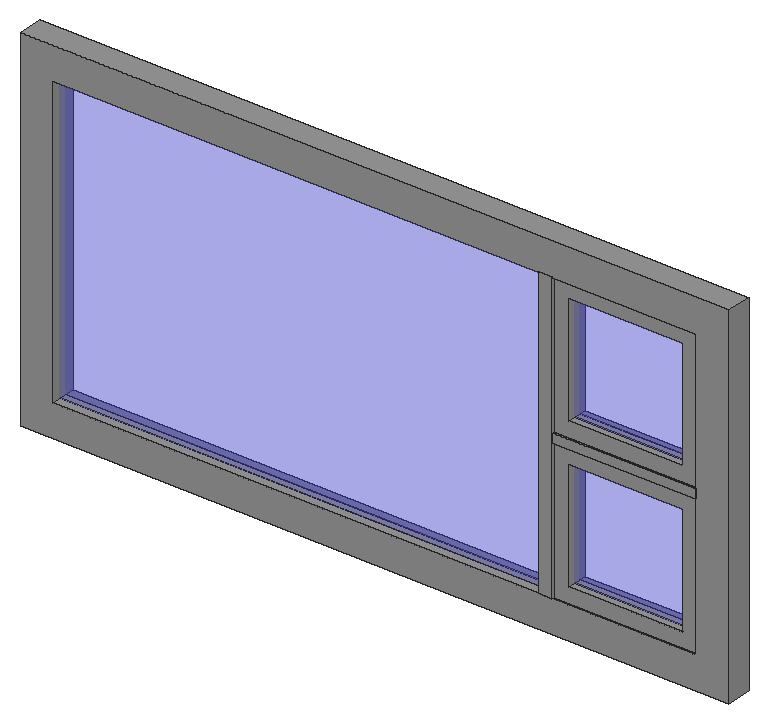
Revit family "Family39", category Windows, host Wall, Revit 2018
Family settings
  Host = Wall
  OmniClass Number = 23.30.20.00
  OmniClass Title = Windows
  Always vertical = Yes
  Cut with Voids When Loaded = No
  Shared = No
  Room Calculation Point = No
Parameters
  Window Frame = White
  Visual Light Transmittance = 0.81
  URL = "www.skywardwindows.co.za"
  Thermal Resistance (R) = 0.3196 (m²·K)/W
  Telephone = "021 276 1800"
  Solar Heat Gain Coefficient = 0.76
  Manufacturer = "Skyward Windows"
  Height = 1190 mm
  Heat Transfer Coefficient (U) = 3.1292 W/(m²·K)
  Glass Thickness = 4 mm
  Glass = Glass
  Frame Width = 46.195 mm
  Email Address = "info@skywardwindows.co.za"
  Default Sill Height = 800 mm
  Wall Closure = By host
  Width = 2390 mm
  Company Address = "Charles Matthews Street Atlantis 7349"
  Analytic Construction = "Double glazing - domestic"
Reference planes
  plane 1 "Center (Front/Back)": y = 0
  plane 2 "Center (Left/Right)": x = 0
  plane 3 "Left": x = -1195
  plane 4 "Right": x = 1195
  plane 5 "Sill": z = 800
  plane 6 "Head": z = 1990
  plane 7 "Exterior": y = 100
  plane 8 "Interior": y = -100
Forms (mm)
  Extrusion 1, solid, material "White" <- "Window Frame"
    sketch origin (0, -100, 0) x (1, 0, 0) y (0, 0, 1)
      loop
        line (-1195, 1990) -> (-1195, 800) -> (1195, 800) -> (1195, 1990) -> (-1195, 1990)
      loop
        line (-1086, 909) -> (1086, 909) -> (1086, 1881) -> (-1086, 1881) -> (-1086, 909)
    from -142 to -58
  Extrusion 2, solid, material "White" <- "Window Frame"
    sketch origin (0, -100, 0) x (1, 0, 0) y (0, 0, 1)
      loop
        line (600, 1881) -> (600, 1410) -> (1086, 1410) -> (1086, 1881) -> (600, 1881)
      loop
        line (650, 1831) -> (650, 1460) -> (1036, 1460) -> (1036, 1831) -> (650, 1831)
    from -134.904 to -64.489
  Extrusion 3, solid, material "White" <- "Window Frame"
    sketch origin (300, -100, 0) x (1, 0, 0) y (0, 0, 1)
      loop
        line (300, 1881) -> (253.805, 1881) -> (253.805, 909) -> (300, 909) -> (300, 1881)
    from -142 to -58
  Extrusion 4, solid, material "Glass" <- "Glass"
    sketch origin (0, 0, 0) x (1, 0, 0) y (0, 1, 0)
      loop
        line (-1086, 14) -> (-1086, 10) -> (553.805, 10) -> (553.805, 14) -> (-1086, 14)
      loop
        line (553.805, -14) -> (553.805, -10) -> (-1086, -10) -> (-1086, -14) -> (553.805, -14)
    from 909 to 1881
  Extrusion 5, solid, material "Glass" <- "Glass"
    sketch origin (0, 0, 0) x (1, 0, 0) y (0, 1, 0)
      loop
        line (650, 14) -> (650, 10) -> (1036, 10) -> (1036, 14) -> (650, 14)
      loop
        line (1036, -14) -> (1036, -10) -> (650, -10) -> (650, -14) -> (1036, -14)
    from 1460 to 1831
  Extrusion 6, solid, material "White" <- "Window Frame"
    sketch origin (0, -100, -501) x (1, 0, 0) y (0, 0, 1)
      loop
        line (600, 1881) -> (600, 1410) -> (1086, 1410) -> (1086, 1881) -> (600, 1881)
      loop
        line (650, 1831) -> (650, 1460) -> (1036, 1460) -> (1036, 1831) -> (650, 1831)
    from -134.904 to -64.489
  Extrusion 7, solid, material "Glass" <- "Glass"
    sketch origin (0, 0, -501) x (1, 0, 0) y (0, 1, 0)
      loop
        line (650, 14) -> (650, 10) -> (1036, 10) -> (1036, 14) -> (650, 14)
      loop
        line (1036, -14) -> (1036, -10) -> (650, -10) -> (650, -14) -> (1036, -14)
    from 1460 to 1831
  Extrusion 8, solid, material "White" <- "Window Frame"
    sketch origin (0, -100, 0) x (1, 0, 0) y (0, 0, 1)
      loop
        line (600, 1410) -> (600, 1380) -> (1086, 1380) -> (1086, 1410) -> (600, 1410)
    from -142 to -58
Lines and regions (mm)
  Opening 1
    outline origin (3500, -100, 0) x (1, 0, 0) y (0, 0, 1)
      loop
        line (-2305, 800) -> (-2305, 1990) -> (-4695, 1990) -> (-4695, 800) -> (-2305, 800)
Text (mm)
  text "EXTERIOR" at (-1963.203, 1332.353, 0), in view "Ref. Level"
  text "INTERIOR" at (-1981.466, -818.386, 0), in view "Ref. Level"
  text "Exterior" at (0, 923.751, 2943.296), in view "Right"
  text "Exterior" at (0, 1040.484, 2685.409), in view "Left"
Dimensions and locks
  equal spacing: plane 3 "Left", plane 2 "Center (Left/Right)", plane 4 "Right"
  "Width": plane 3 "Left" to plane 4 "Right"
  "Height": plane 5 "Sill" to plane 6 "Head"
  "Default Sill Height": plane 5 "Sill" to level
  locked: plane 7 "Exterior" to host wall at 0
  locked: plane 8 "Interior" to host wall
  "Glass Thickness": Extrusion 4 to Extrusion 4
  "Glass Thickness": Extrusion 5 to Extrusion 5
  aligned and locked: Extrusion 1 sketch curve to host wall  (x4)
Automatic sketch dimensions
  plane 3 "Left" to Opening 1 sketch curve = 0 mm
  plane 4 "Right" to Opening 1 sketch curve = 0 mm
  Opening 1 sketch curve to plane 5 "Sill" = 0 mm
  Opening 1 sketch curve to plane 6 "Head" = 0 mm
  Extrusion 1 sketch curve to plane 3 "Left" = 109 mm
  plane 4 "Right" to Extrusion 1 sketch curve = 109 mm
  Extrusion 1 sketch curve to plane 5 "Sill" = 109 mm
  plane 6 "Head" to Extrusion 1 sketch curve = 109 mm
  plane 4 "Right" to Extrusion 2 sketch curve = 595 mm
  Extrusion 2 sketch curve to Extrusion 2 sketch curve = 50 mm  (x4)
  plane 4 "Right" to Extrusion 2 sketch curve = 159 mm
  plane 6 "Head" to Extrusion 2 sketch curve = 580 mm
  plane 6 "Head" to Extrusion 2 sketch curve = 159 mm
  plane 6 "Head" to Extrusion 3 sketch curve = 109 mm
  Extrusion 3 sketch curve to plane 2 "Center (Left/Right)" = 553.805 mm
  Extrusion 3 sketch curve to Extrusion 3 sketch curve = 46.195 mm
  Extrusion 3 sketch curve to plane 5 "Sill" = 109 mm
  Extrusion 4 sketch curve to host wall = 14 mm
  Extrusion 4 sketch curve to plane 3 "Left" = 109 mm
  Extrusion 4 sketch curve to Extrusion 4 sketch curve = 0 mm  (x2)
  Extrusion 4 sketch curve to plane 2 "Center (Left/Right)" = 553.805 mm
  host wall to Extrusion 4 sketch curve = 10 mm
  Extrusion 4 sketch curve to Extrusion 4 sketch curve = 4 mm  (x2)
  Extrusion 5 sketch curve to host wall = 14 mm
  plane 4 "Right" to Extrusion 5 sketch curve = 545 mm
  Extrusion 5 sketch curve to Extrusion 5 sketch curve = 0 mm  (x2)
  plane 4 "Right" to Extrusion 5 sketch curve = 159 mm
  host wall to Extrusion 5 sketch curve = 10 mm
  Extrusion 5 sketch curve to Extrusion 5 sketch curve = 4 mm  (x2)
  Extrusion 6 sketch curve to plane 5 "Sill" = 109 mm
  plane 4 "Right" to Extrusion 6 sketch curve = 595 mm
  Extrusion 6 sketch curve to Extrusion 6 sketch curve = 50 mm  (x4)
  plane 4 "Right" to Extrusion 6 sketch curve = 159 mm
  Extrusion 6 sketch curve to Extrusion 6 sketch curve = 371 mm
  Extrusion 7 sketch curve to host wall = 14 mm
  plane 4 "Right" to Extrusion 7 sketch curve = 545 mm
  Extrusion 7 sketch curve to Extrusion 7 sketch curve = 0 mm  (x2)
  plane 4 "Right" to Extrusion 7 sketch curve = 159 mm
  host wall to Extrusion 7 sketch curve = 10 mm
  Extrusion 7 sketch curve to Extrusion 7 sketch curve = 4 mm  (x2)
  plane 4 "Right" to Extrusion 8 sketch curve = 595 mm
  plane 4 "Right" to Extrusion 8 sketch curve = 109 mm
  Extrusion 8 sketch curve to plane 5 "Sill" = 580 mm
  Extrusion 8 sketch curve to Extrusion 8 sketch curve = 30 mm
